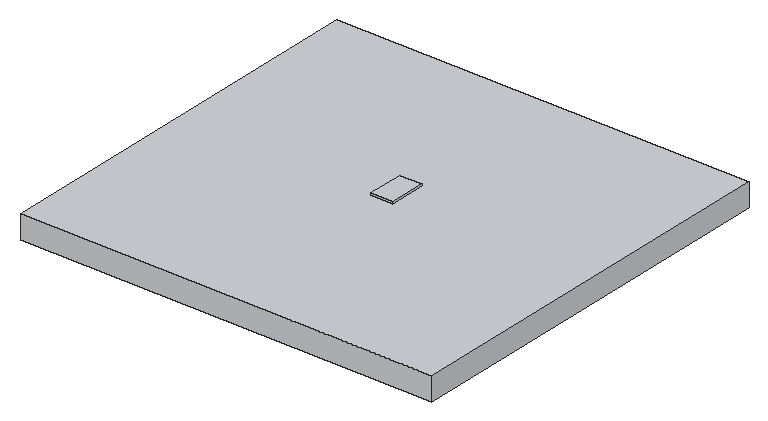
Revit family "Duplex Receptacle", category Electrical Fixtures, host Face, Revit 2016
Family settings
  Host = Face
  Maintain Annotation Orientation = Yes
  Part Type = Normal
  Round Connector Dimension = Use Diameter
  OmniClass Number = 23.80.50.11.17
  OmniClass Title = Ground Fault Receptacles
  Cut with Voids When Loaded = No
  Shared = No
  Room Calculation Point = No
Parameters (values of type "Standard")
  Switch Voltage = 120 V
  Load Classification = Receptacle
  Load = 180 VA
  Label = ""
  Default Elevation = 1' - 6"
  Assembly Code = ""
Reference planes (in)
  plane 1 "Center (Front/Back)": y = 0
  plane 2: z = 0
  plane 3 "Center (Left/Right)": x = 0
  plane 4: x = -1.375
  plane 5: x = 1.375
  plane 6: x = -0.75
  plane 7: x = 0.75
  plane 8: y = 2.25
  plane 9: y = -2.25
  plane 10: y = 1.5
  plane 11: y = -1.5
  plane 12 "level above": z = 0.1875
  plane 13 "level below": z = -2.125
Forms (in)
  Extrusion 1, solid
    sketch origin (0, 0, 0) x (1, 0, 0) y (0, 1, 0)
      loop
        line (-25.375, 22.5) -> (-25.375, -26.25) -> (25.375, -26.25) -> (25.375, 22.5) -> (-25.375, 22.5)
    from 0 to -2.86111
  Extrusion 2, solid
    sketch origin (0, 0, 0) x (1, 0, 0) y (0, 1, 0)
      loop
        line (-1.375, 2.25) -> (-1.375, -2.25) -> (1.375, -2.25) -> (1.375, 2.25) -> (-1.375, 2.25)
    from 0 to 0.1875
  Extrusion 3, solid
    sketch origin (0, 0, 0) x (1, 0, 0) y (0, 1, 0)
      loop
        line (-0.75, 1.5) -> (-0.75, -1.5) -> (0.75, -1.5) -> (0.75, 1.5) -> (-0.75, 1.5)
    from 0 to -2.125
Lines and regions (in)
  symbolic lines, detail levels fine
    curve 1: line (1.375, 0, 0) -> (-1.375, 0, 0)
    curve 2: line (1.375, 0, 0.1875) -> (1.375, 0, 0)
    curve 3: line (-1.375, 0, 0.1875) -> (1.375, 0, 0.1875)
    curve 4: line (-1.375, 0, 0) -> (-1.375, 0, 0.1875)
    curve 5: line (0.75, 0, -2.125) -> (-0.75, 0, -2.125)
    curve 6: line (0.75, 0, 0) -> (0.75, 0, -2.125)
    curve 7: line (-0.75, 0, -2.125) -> (-0.75, 0, 0)
Dimensions and locks (in)
  equal spacing: plane 6, plane 3 "Center (Left/Right)", plane 7, locked at 0.75 each
  locked: plane 6 to plane 7 at 1.5
  equal spacing: plane 4, plane 3 "Center (Left/Right)", plane 5, locked at 1.375 each
  locked: plane 4 to plane 5 at 2.75
  locked: plane 8 to plane 9 at 4.5
  locked: plane 12 "level above" to level at 0.1875
  locked: level to plane 13 "level below" at 2.125
  locked: plane 10 to plane 11 at 3
  equal spacing: plane 10, plane 1 "Center (Front/Back)", plane 11, locked at 1.5 each
  equal spacing: plane 8, plane 1 "Center (Front/Back)", plane 9, locked at 2.25 each
  aligned and locked: plane 2 to Extrusion 1
  aligned and locked: level to Extrusion 1
  aligned and locked: plane 8 to Extrusion 2
  aligned and locked: Extrusion 2 to plane 9
  aligned and locked: plane 5 to Extrusion 2
  aligned and locked: Extrusion 2 to plane 4
  aligned and locked: Extrusion 2 to level
  aligned and locked: plane 12 "level above" to Extrusion 2
  aligned and locked: plane 10 to Extrusion 3
  aligned and locked: Extrusion 3 to plane 6
  aligned and locked: plane 7 to Extrusion 3
  aligned and locked: Extrusion 3 to plane 11
  aligned and locked: Extrusion 3 to level
  aligned and locked: Extrusion 3 to plane 13 "level below"
  aligned and locked: plane 1 "Center (Front/Back)" to nested 1
  aligned and locked: plane 3 "Center (Left/Right)" to nested 1
  aligned and locked: curve 4 to plane 4
  aligned and locked: plane 5 to curve 2
  aligned and locked: curve 3 to plane 12 "level above"
  aligned and locked: plane 2 to curve 1
  aligned and locked: curve 7 to plane 6
  aligned and locked: plane 7 to curve 6
  aligned and locked: plane 13 "level below" to curve 5
Automatic sketch dimensions
  Extrusion 2 sketch curve to plane 4 = 0' - 0"
  Extrusion 2 sketch curve to plane 5 = 0' - 0"
  Extrusion 2 sketch curve to plane 9 = 0' - 0"
  Extrusion 2 sketch curve to plane 8 = 0' - 0"
  Extrusion 3 sketch curve to plane 6 = 0' - 0"
  Extrusion 3 sketch curve to plane 7 = 0' - 0"
  Extrusion 3 sketch curve to plane 11 = 0' - 0"
  Extrusion 3 sketch curve to plane 10 = 0' - 0"
  Extrusion 1 sketch curve to Extrusion 1 sketch curve = 4' - 2 3/4"
  Extrusion 1 sketch curve to Extrusion 1 sketch curve = 4' - 0 3/4"
Nested families (in)
  nested 1: "Duplex Annotation" at (0, 0, 0), Label <- "Label", type "Duplex Annotation", detail levels coarse+medium
    with Label ""
Connectors (in)
  electrical at (0, 1.5, -1.0625), driven by "Switch Voltage", driven by "Load", driven by "Load Classification"
    settings: on Extrusion 3, index 1, voltage 120 V, apparent load 0 VA, apparent load phase1 180 VA, apparent load phase2 0 VA, apparent load phase3 0 VA, power factor 1, load classification "Receptacle", number of poles 1, system type 31, power factor state 1, is connector primary yes, connector utility no, sub classification motor no, connector description "1"
  electrical at (0, -1.5, -1.0625), driven by "Switch Voltage", driven by "Load", driven by "Load Classification"
    settings: on Extrusion 3, index 2, voltage 120 V, apparent load 0 VA, apparent load phase1 180 VA, apparent load phase2 0 VA, apparent load phase3 0 VA, power factor 1, load classification "Receptacle", number of poles 1, system type 31, power factor state 1, is connector primary no, connector utility no, sub classification motor no, connector description "2"
Definition of nested family "Duplex Annotation"
  Parameters
    Label [instance] = ""
  Reference planes (in)
    plane 1: y = 0
    plane 2: x = 0
  Lines and regions (in)
    detail lines
      curve 1: line (-0.01758, 0, 0) -> (-0.01758, 0.17188, 0)
      curve 2: circle (0, 0.12009, 0) r 0.05469 normal (0, 0, 1)
      curve 3: line (0.01758, 0, 0) -> (0.01758, 0.17187, 0)
  Text (in)
    label "A" at (0.03144, 0.01518, 0), shows "Label"
  Dimensions and locks (in)
    equal spacing: curve 1, plane 2, curve 3
    locked: plane 2 to curve 3 at 0.01758
    aligned and locked: plane 2 to curve 2
